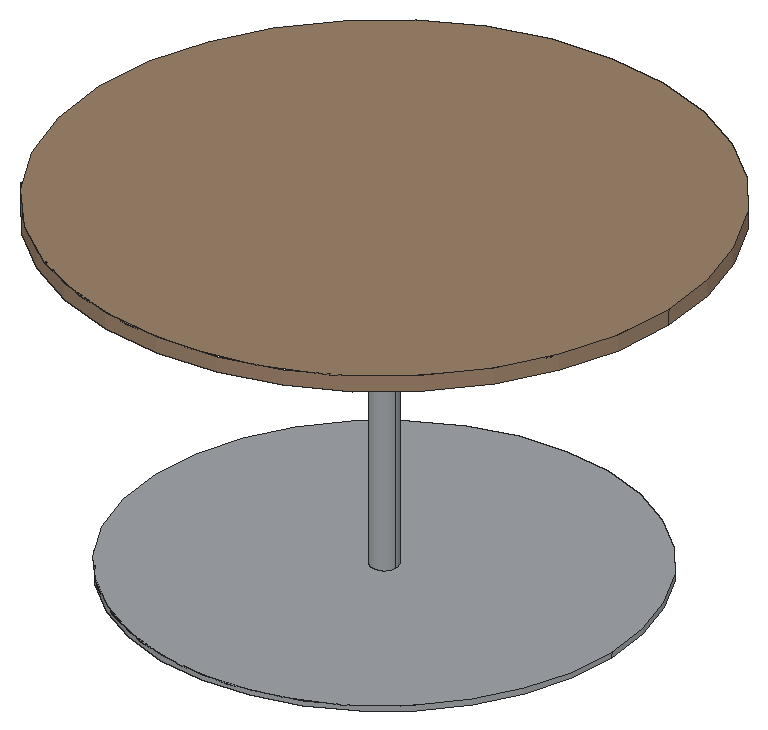
Revit family
Parameters
  URL = "http://www.martinbrattrud.com"
  Table Top [instance] = none
  SCS Certified Product = "Yes"
  Model = "Reveal 982-30C"
  Manufacturer = "Martin Brattrud, Inc."
  Table Wood [instance] = none
  Leg [instance] = none
  Keynote = "125000"
  Copyright = "© 2013 Martin Brattrud, Inc."
  Authoring Version = "Revit Architecture 2010"
  Assembly Code = "E2020200"
Reference planes (in)
  plane 1 "Center Front/Back": y = 0
  plane 2: z = 0
  plane 3 "Center Left/Right": x = 0
Forms (in)
  Extrusion 1, solid, material <- "Table Top"
    sketch origin (0, 0, 0) x (1, 0, 0) y (0, 1, 0)
      loop
        circle (0, 0) r 15
    from 16.75 to 17.5
  Extrusion 2, solid, material <- "Leg"
    sketch origin (0, 0, 0) x (1, 0, 0) y (0, 1, 0)
      loop
        line (-7.5, 7.5) -> (-7.5, -7.5) -> (7.5, -7.5) -> (7.5, 7.5) -> (-7.5, 7.5)
    from 16.5 to 16.75
  Extrusion 3, solid, material <- "Leg"
    sketch origin (0, 0, 0) x (1, 0, 0) y (0, 1, 0)
      loop
        circle (0, 0) r 0.625
    from 0.25 to 16.5
  Extrusion 4, solid, material <- "Leg"
    sketch origin (0, 0, 0) x (1, 0, 0) y (0, 1, 0)
      loop
        circle (0, 0) r 12
    from 0 to 0.25
